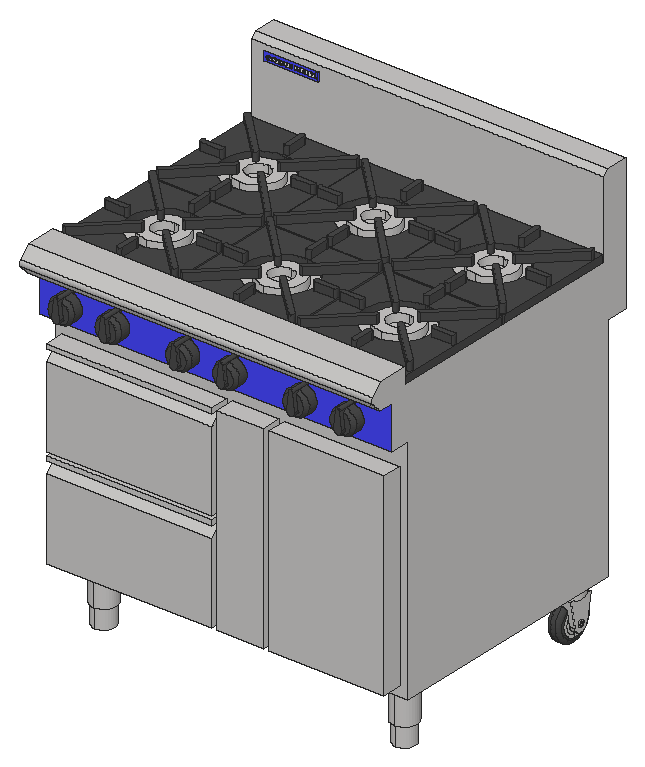
Revit family "QF_MOFFAT_BLUESEAL_CE_G516D-RB", category Specialty Equipment, Revit 2012 (continued)
Definition of nested family "GAS BURNER 900"
  Forms (mm)
    Extrusion 2, solid, material "QF_Finishes_Black"
      sketch origin (0, 0, 19.5) x (0, -1, 0) y (1, 0, 0)
        loop
          spline (505.975, 123.076) -> (504.905, 123.837) -> (503.601, 124.238) -> (502.149, 124.251) -> (500.65, 123.875) -> (499.205, 123.137) -> (497.914, 122.086) -> (496.863, 120.795) -> (496.125, 119.35) -> (495.749, 117.851) -> (495.762, 116.399) -> (496.163, 115.095) -> (496.924, 114.025)
          line (496.924, 114.025) -> (603.347, 6.102)
          spline (603.347, 6.102) -> (604.416, 5.341) -> (605.721, 4.941) -> (607.172, 4.928) -> (608.671, 5.303) -> (610.116, 6.041) -> (611.408, 7.092) -> (612.459, 8.384) -> (613.197, 9.829) -> (613.572, 11.328) -> (613.559, 12.779) -> (613.159, 14.084) -> (612.398, 15.153)
        loop
          line (476.4, 8.898) -> (476.4, 58.102)
          spline (476.4, 58.102) -> (476.182, 59.396) -> (475.543, 60.602) -> (474.525, 61.638) -> (473.2, 62.432) -> (471.656, 62.932) -> (470, 63.102) -> (468.344, 62.932) -> (466.8, 62.432) -> (465.475, 61.638) -> (464.457, 60.602) -> (463.818, 59.396) -> (463.6, 58.102)
          line (463.6, 58.102) -> (463.6, 8.898)
          spline (463.6, 8.898) -> (463.818, 7.604) -> (464.457, 6.398) -> (465.475, 5.362) -> (466.8, 4.568) -> (468.344, 4.068) -> (470, 3.898) -> (471.656, 4.068) -> (473.2, 4.568) -> (474.525, 5.362) -> (475.543, 6.398) -> (476.182, 7.604) -> (476.4, 8.898)
        loop
          spline (22.602, 15.153) -> (21.681, 13.924) -> (21.131, 12.47) -> (20.99, 10.89) -> (21.267, 9.292) -> (21.943, 7.786) -> (22.973, 6.473) -> (24.286, 5.443) -> (25.792, 4.767) -> (27.39, 4.49) -> (28.97, 4.631) -> (30.424, 5.181) -> (31.653, 6.102)
          line (31.653, 6.102) -> (139.576, 114.025)
          spline (139.576, 114.025) -> (140.337, 115.095) -> (140.738, 116.399) -> (140.751, 117.851) -> (140.375, 119.35) -> (139.637, 120.795) -> (138.586, 122.086) -> (137.295, 123.137) -> (135.85, 123.875) -> (134.351, 124.251) -> (132.899, 124.238) -> (131.595, 123.837) -> (130.525, 123.076)
          line (130.525, 123.076) -> (22.602, 15.153)
        loop
          spline (25.398, 156.4) -> (24.104, 156.182) -> (22.898, 155.543) -> (21.862, 154.525) -> (21.068, 153.2) -> (20.568, 151.656) -> (20.398, 150) -> (20.568, 148.344) -> (21.068, 146.8) -> (21.862, 145.475) -> (22.898, 144.457) -> (24.104, 143.818) -> (25.398, 143.6)
          line (25.398, 143.6) -> (74.602, 143.6)
          spline (74.602, 143.6) -> (75.896, 143.818) -> (77.102, 144.457) -> (78.138, 145.475) -> (78.932, 146.8) -> (79.432, 148.344) -> (79.602, 150) -> (79.432, 151.656) -> (78.932, 153.2) -> (78.138, 154.525) -> (77.102, 155.543) -> (75.896, 156.182) -> (74.602, 156.4)
          line (74.602, 156.4) -> (25.398, 156.4)
        loop
          spline (31.653, 293.898) -> (30.584, 294.659) -> (29.279, 295.059) -> (27.828, 295.072) -> (26.329, 294.697) -> (24.884, 293.959) -> (23.592, 292.908) -> (22.541, 291.616) -> (21.803, 290.171) -> (21.428, 288.672) -> (21.441, 287.221) -> (21.841, 285.916) -> (22.602, 284.847)
          line (22.602, 284.847) -> (130.525, 176.924)
          spline (130.525, 176.924) -> (131.595, 176.163) -> (132.899, 175.762) -> (134.351, 175.749) -> (135.85, 176.125) -> (137.295, 176.863) -> (138.586, 177.914) -> (139.637, 179.205) -> (140.375, 180.65) -> (140.751, 182.149) -> (140.738, 183.601) -> (140.337, 184.905) -> (139.576, 185.975)
          line (139.576, 185.975) -> (31.653, 293.898)
        loop
          line (160.1, 291.102) -> (160.1, 241.898)
          spline (160.1, 241.898) -> (160.318, 240.604) -> (160.957, 239.398) -> (161.975, 238.362) -> (163.3, 237.568) -> (164.844, 237.068) -> (166.5, 236.898) -> (168.156, 237.068) -> (169.7, 237.568) -> (171.025, 238.362) -> (172.043, 239.398) -> (172.682, 240.604) -> (172.9, 241.898)
          line (172.9, 241.898) -> (172.9, 291.102)
          spline (172.9, 291.102) -> (172.682, 292.396) -> (172.043, 293.602) -> (171.025, 294.638) -> (169.7, 295.432) -> (168.156, 295.932) -> (166.5, 296.102) -> (164.844, 295.932) -> (163.3, 295.432) -> (161.975, 294.638) -> (160.957, 293.602) -> (160.318, 292.396) -> (160.1, 291.102)
        loop
          spline (313.898, 284.847) -> (314.659, 285.916) -> (315.059, 287.221) -> (315.072, 288.672) -> (314.697, 290.171) -> (313.959, 291.616) -> (312.908, 292.908) -> (311.616, 293.959) -> (310.171, 294.697) -> (308.672, 295.072) -> (307.221, 295.059) -> (305.916, 294.659) -> (304.847, 293.898)
          line (304.847, 293.898) -> (193.424, 185.975)
          spline (193.424, 185.975) -> (192.663, 184.905) -> (192.262, 183.601) -> (192.249, 182.149) -> (192.625, 180.65) -> (193.363, 179.205) -> (194.414, 177.914) -> (195.705, 176.863) -> (197.15, 176.125) -> (198.649, 175.749) -> (200.101, 175.762) -> (201.405, 176.163) -> (202.475, 176.924)
          line (202.475, 176.924) -> (313.898, 284.847)
        loop
          spline (311.102, 143.6) -> (312.396, 143.818) -> (313.602, 144.457) -> (314.638, 145.475) -> (315.432, 146.8) -> (315.932, 148.344) -> (316.102, 150) -> (315.932, 151.656) -> (315.432, 153.2) -> (314.638, 154.525) -> (313.602, 155.543) -> (312.396, 156.182) -> (311.102, 156.4)
          line (311.102, 156.4) -> (261.898, 156.4)
          spline (261.898, 156.4) -> (260.604, 156.182) -> (259.398, 155.543) -> (258.362, 154.525) -> (257.568, 153.2) -> (257.068, 151.656) -> (256.898, 150) -> (257.068, 148.344) -> (257.568, 146.8) -> (258.362, 145.475) -> (259.398, 144.457) -> (260.604, 143.818) -> (261.898, 143.6)
          line (261.898, 143.6) -> (311.102, 143.6)
        loop
          line (313.898, 15.153) -> (202.475, 123.076)
          spline (202.475, 123.076) -> (201.405, 123.837) -> (200.101, 124.238) -> (198.649, 124.251) -> (197.15, 123.875) -> (195.705, 123.137) -> (194.414, 122.086) -> (193.363, 120.795) -> (192.625, 119.35) -> (192.249, 117.851) -> (192.262, 116.399) -> (192.663, 115.095) -> (193.424, 114.025)
          line (193.424, 114.025) -> (304.847, 6.102)
          spline (304.847, 6.102) -> (305.916, 5.341) -> (307.221, 4.941) -> (308.672, 4.928) -> (310.171, 5.303) -> (311.616, 6.041) -> (312.908, 7.092) -> (313.959, 8.384) -> (314.697, 9.829) -> (315.072, 11.328) -> (315.059, 12.779) -> (314.659, 14.084) -> (313.898, 15.153)
        loop
          line (172.9, 8.898) -> (172.9, 58.102)
          spline (172.9, 58.102) -> (172.682, 59.396) -> (172.043, 60.602) -> (171.025, 61.638) -> (169.7, 62.432) -> (168.156, 62.932) -> (166.5, 63.102) -> (164.844, 62.932) -> (163.3, 62.432) -> (161.975, 61.638) -> (160.957, 60.602) -> (160.318, 59.396) -> (160.1, 58.102)
          line (160.1, 58.102) -> (160.1, 8.898)
          spline (160.1, 8.898) -> (160.318, 7.604) -> (160.957, 6.398) -> (161.975, 5.362) -> (163.3, 4.568) -> (164.844, 4.068) -> (166.5, 3.898) -> (168.156, 4.068) -> (169.7, 4.568) -> (171.025, 5.362) -> (172.043, 6.398) -> (172.682, 7.604) -> (172.9, 8.898)
      from 0 to 20.5
    Extrusion 3, solid, material "QF_Finishes_Stainless Steel"
      sketch origin (0, -15.098, 0) x (0, -1, 0) y (1, 0, 0)
        loop
          circle (151.402, 150) r 57
        loop
          circle (451.402, 150) r 57
        loop
          circle (151.402, 150) r 30
        loop
          circle (451.402, 150) r 30
      from 0 to 20
    Extrusion 4, solid, material "QF_Finishes_Black"
      sketch origin (600, 0, 0) x (0, -1, 0) y (1, 0, 0)
        loop
          arc (318.5, -4) -> (317.621, -1.879) -> (315.5, -1) r 3
          line (315.5, -1) -> (3, -1)
          arc (3, -1) -> (0.879, -1.879) -> (0, -4) r 3
          line (0, -4) -> (0, -296)
          arc (0, -296) -> (0.879, -298.121) -> (3, -299) r 3
          line (3, -299) -> (315.5, -299)
          arc (315.5, -299) -> (317.621, -298.121) -> (318.5, -296) r 3
          line (318.5, -296) -> (318.5, -4)
        loop
          arc (324.5, -1) -> (322.379, -1.879) -> (321.5, -4) r 3
          line (321.5, -4) -> (321.5, -296)
          arc (321.5, -296) -> (322.379, -298.121) -> (324.5, -299) r 3
          line (324.5, -299) -> (632, -299)
          arc (632, -299) -> (634.121, -298.121) -> (635, -296) r 3
          line (635, -296) -> (635, -4)
          arc (635, -4) -> (634.121, -1.879) -> (632, -1) r 3
          line (632, -1) -> (324.5, -1)
        loop
          circle (168.5, -149.991) r 84.082
        loop
          circle (468.5, -149.991) r 84.082
      from 0 to 19.5
    Extrusion 5, solid, material "QF_Finishes_Black"
      sketch origin (600, 0, 19.5) x (0, -1, 0) y (1, 0, 0)
        loop
          line (326.102, -15.153) -> (434.025, -123.076)
          spline (434.025, -123.076) -> (435.095, -123.837) -> (436.399, -124.238) -> (437.851, -124.251) -> (439.35, -123.875) -> (440.795, -123.137) -> (442.086, -122.086) -> (443.137, -120.795) -> (443.875, -119.35) -> (444.251, -117.851) -> (444.238, -116.399) -> (443.837, -115.095) -> (443.076, -114.025)
          line (443.076, -114.025) -> (335.153, -6.102)
          spline (335.153, -6.102) -> (333.924, -5.181) -> (332.47, -4.631) -> (330.89, -4.49) -> (329.292, -4.767) -> (327.786, -5.443) -> (326.473, -6.473) -> (325.443, -7.786) -> (324.767, -9.292) -> (324.49, -10.89) -> (324.631, -12.47) -> (325.181, -13.924) -> (326.102, -15.153)
        loop
          line (328.898, -156.4) -> (378.102, -156.4)
          spline (378.102, -156.4) -> (379.396, -156.182) -> (380.602, -155.543) -> (381.638, -154.525) -> (382.432, -153.2) -> (382.932, -151.656) -> (383.102, -150) -> (382.932, -148.344) -> (382.432, -146.8) -> (381.638, -145.475) -> (380.602, -144.457) -> (379.396, -143.818) -> (378.102, -143.6)
          line (378.102, -143.6) -> (328.898, -143.6)
          spline (328.898, -143.6) -> (327.604, -143.818) -> (326.398, -144.457) -> (325.362, -145.475) -> (324.568, -146.8) -> (324.068, -148.344) -> (323.898, -150) -> (324.068, -151.656) -> (324.568, -153.2) -> (325.362, -154.525) -> (326.398, -155.543) -> (327.604, -156.182) -> (328.898, -156.4)
        loop
          line (335.153, -293.898) -> (443.076, -185.975)
          spline (443.076, -185.975) -> (443.837, -184.905) -> (444.238, -183.601) -> (444.251, -182.149) -> (443.875, -180.65) -> (443.137, -179.205) -> (442.086, -177.914) -> (440.795, -176.863) -> (439.35, -176.125) -> (437.851, -175.749) -> (436.399, -175.762) -> (435.095, -176.163) -> (434.025, -176.924)
          line (434.025, -176.924) -> (326.102, -284.847)
          spline (326.102, -284.847) -> (325.341, -285.916) -> (324.941, -287.221) -> (324.928, -288.672) -> (325.303, -290.171) -> (326.041, -291.616) -> (327.092, -292.908) -> (328.384, -293.959) -> (329.829, -294.697) -> (331.328, -295.072) -> (332.779, -295.059) -> (334.084, -294.659) -> (335.153, -293.898)
        loop
          spline (463.6, -291.102) -> (463.818, -292.396) -> (464.457, -293.602) -> (465.475, -294.638) -> (466.8, -295.432) -> (468.344, -295.932) -> (470, -296.102) -> (471.656, -295.932) -> (473.2, -295.432) -> (474.525, -294.638) -> (475.543, -293.602) -> (476.182, -292.396) -> (476.4, -291.102)
          line (476.4, -291.102) -> (476.4, -241.898)
          spline (476.4, -241.898) -> (476.182, -240.604) -> (475.543, -239.398) -> (474.525, -238.362) -> (473.2, -237.568) -> (471.656, -237.068) -> (470, -236.898) -> (468.344, -237.068) -> (466.8, -237.568) -> (465.475, -238.362) -> (464.457, -239.398) -> (463.818, -240.604) -> (463.6, -241.898)
          line (463.6, -241.898) -> (463.6, -291.102)
        loop
          line (612.398, -284.847) -> (505.975, -176.924)
          spline (505.975, -176.924) -> (504.905, -176.163) -> (503.601, -175.762) -> (502.149, -175.749) -> (500.65, -176.125) -> (499.205, -176.863) -> (497.914, -177.914) -> (496.863, -179.205) -> (496.125, -180.65) -> (495.749, -182.149) -> (495.762, -183.601) -> (496.163, -184.905) -> (496.924, -185.975)
          line (496.924, -185.975) -> (603.347, -293.898)
          spline (603.347, -293.898) -> (604.416, -294.659) -> (605.721, -295.059) -> (607.172, -295.072) -> (608.671, -294.697) -> (610.116, -293.959) -> (611.408, -292.908) -> (612.459, -291.616) -> (613.197, -290.171) -> (613.572, -288.672) -> (613.559, -287.221) -> (613.159, -285.916) -> (612.398, -284.847)
        loop
          line (609.602, -143.6) -> (561.898, -143.6)
          spline (561.898, -143.6) -> (560.604, -143.818) -> (559.398, -144.457) -> (558.362, -145.475) -> (557.568, -146.8) -> (557.068, -148.344) -> (556.898, -150) -> (557.068, -151.656) -> (557.568, -153.2) -> (558.362, -154.525) -> (559.398, -155.543) -> (560.604, -156.182) -> (561.898, -156.4)
          line (561.898, -156.4) -> (609.602, -156.4)
          spline (609.602, -156.4) -> (610.896, -156.182) -> (612.102, -155.543) -> (613.138, -154.525) -> (613.932, -153.2) -> (614.432, -151.656) -> (614.602, -150) -> (614.432, -148.344) -> (613.932, -146.8) -> (613.138, -145.475) -> (612.102, -144.457) -> (610.896, -143.818) -> (609.602, -143.6)
        loop
          spline (612.398, -15.153) -> (613.159, -14.084) -> (613.559, -12.779) -> (613.572, -11.328) -> (613.197, -9.829) -> (612.459, -8.384) -> (611.408, -7.092) -> (610.116, -6.041) -> (608.671, -5.303) -> (607.172, -4.928) -> (605.721, -4.941) -> (604.416, -5.341) -> (603.347, -6.102)
          line (603.347, -6.102) -> (496.924, -114.025)
          spline (496.924, -114.025) -> (496.163, -115.095) -> (495.762, -116.399) -> (495.749, -117.851) -> (496.125, -119.35) -> (496.863, -120.795) -> (497.914, -122.086) -> (499.205, -123.137) -> (500.65, -123.875) -> (502.149, -124.251) -> (503.601, -124.238) -> (504.905, -123.837) -> (505.975, -123.076)
          line (505.975, -123.076) -> (612.398, -15.153)
        loop
          spline (476.4, -8.898) -> (476.182, -7.604) -> (475.543, -6.398) -> (474.525, -5.362) -> (473.2, -4.568) -> (471.656, -4.068) -> (470, -3.898) -> (468.344, -4.068) -> (466.8, -4.568) -> (465.475, -5.362) -> (464.457, -6.398) -> (463.818, -7.604) -> (463.6, -8.898)
          line (463.6, -8.898) -> (463.6, -58.102)
          spline (463.6, -58.102) -> (463.818, -59.396) -> (464.457, -60.602) -> (465.475, -61.638) -> (466.8, -62.432) -> (468.344, -62.932) -> (470, -63.102) -> (471.656, -62.932) -> (473.2, -62.432) -> (474.525, -61.638) -> (475.543, -60.602) -> (476.182, -59.396) -> (476.4, -58.102)
          line (476.4, -58.102) -> (476.4, -8.898)
        loop
          line (22.602, -15.153) -> (130.525, -123.076)
          spline (130.525, -123.076) -> (131.595, -123.837) -> (132.899, -124.238) -> (134.351, -124.251) -> (135.85, -123.875) -> (137.295, -123.137) -> (138.586, -122.086) -> (139.637, -120.795) -> (140.375, -119.35) -> (140.751, -117.851) -> (140.738, -116.399) -> (140.337, -115.095) -> (139.576, -114.025)
          line (139.576, -114.025) -> (31.653, -6.102)
          spline (31.653, -6.102) -> (30.424, -5.181) -> (28.97, -4.631) -> (27.39, -4.49) -> (25.792, -4.767) -> (24.286, -5.443) -> (22.973, -6.473) -> (21.943, -7.786) -> (21.267, -9.292) -> (20.99, -10.89) -> (21.131, -12.47) -> (21.681, -13.924) -> (22.602, -15.153)
        loop
          line (25.398, -156.4) -> (74.602, -156.4)
          spline (74.602, -156.4) -> (75.896, -156.182) -> (77.102, -155.543) -> (78.138, -154.525) -> (78.932, -153.2) -> (79.432, -151.656) -> (79.602, -150) -> (79.432, -148.344) -> (78.932, -146.8) -> (78.138, -145.475) -> (77.102, -144.457) -> (75.896, -143.818) -> (74.602, -143.6)
          line (74.602, -143.6) -> (25.398, -143.6)
          spline (25.398, -143.6) -> (24.104, -143.818) -> (22.898, -144.457) -> (21.862, -145.475) -> (21.068, -146.8) -> (20.568, -148.344) -> (20.398, -150) -> (20.568, -151.656) -> (21.068, -153.2) -> (21.862, -154.525) -> (22.898, -155.543) -> (24.104, -156.182) -> (25.398, -156.4)
        loop
          line (31.653, -293.898) -> (139.576, -185.975)
          spline (139.576, -185.975) -> (140.337, -184.905) -> (140.738, -183.601) -> (140.751, -182.149) -> (140.375, -180.65) -> (139.637, -179.205) -> (138.586, -177.914) -> (137.295, -176.863) -> (135.85, -176.125) -> (134.351, -175.749) -> (132.899, -175.762) -> (131.595, -176.163) -> (130.525, -176.924)
          line (130.525, -176.924) -> (22.602, -284.847)
          spline (22.602, -284.847) -> (21.841, -285.916) -> (21.441, -287.221) -> (21.428, -288.672) -> (21.803, -290.171) -> (22.541, -291.616) -> (23.592, -292.908) -> (24.884, -293.959) -> (26.329, -294.697) -> (27.828, -295.072) -> (29.279, -295.059) -> (30.584, -294.659) -> (31.653, -293.898)
        loop
          spline (160.1, -291.102) -> (160.318, -292.396) -> (160.957, -293.602) -> (161.975, -294.638) -> (163.3, -295.432) -> (164.844, -295.932) -> (166.5, -296.102) -> (168.156, -295.932) -> (169.7, -295.432) -> (171.025, -294.638) -> (172.043, -293.602) -> (172.682, -292.396) -> (172.9, -291.102)
          line (172.9, -291.102) -> (172.9, -241.898)
          spline (172.9, -241.898) -> (172.682, -240.604) -> (172.043, -239.398) -> (171.025, -238.362) -> (169.7, -237.568) -> (168.156, -237.068) -> (166.5, -236.898) -> (164.844, -237.068) -> (163.3, -237.568) -> (161.975, -238.362) -> (160.957, -239.398) -> (160.318, -240.604) -> (160.1, -241.898)
          line (160.1, -241.898) -> (160.1, -291.102)
        loop
          line (313.898, -284.847) -> (202.475, -176.924)
          spline (202.475, -176.924) -> (201.405, -176.163) -> (200.101, -175.762) -> (198.649, -175.749) -> (197.15, -176.125) -> (195.705, -176.863) -> (194.414, -177.914) -> (193.363, -179.205) -> (192.625, -180.65) -> (192.249, -182.149) -> (192.262, -183.601) -> (192.663, -184.905) -> (193.424, -185.975)
          line (193.424, -185.975) -> (304.847, -293.898)
          spline (304.847, -293.898) -> (305.916, -294.659) -> (307.221, -295.059) -> (308.672, -295.072) -> (310.171, -294.697) -> (311.616, -293.959) -> (312.908, -292.908) -> (313.959, -291.616) -> (314.697, -290.171) -> (315.072, -288.672) -> (315.059, -287.221) -> (314.659, -285.916) -> (313.898, -284.847)
        loop
          line (311.102, -143.6) -> (261.898, -143.6)
          spline (261.898, -143.6) -> (260.604, -143.818) -> (259.398, -144.457) -> (258.362, -145.475) -> (257.568, -146.8) -> (257.068, -148.344) -> (256.898, -150) -> (257.068, -151.656) -> (257.568, -153.2) -> (258.362, -154.525) -> (259.398, -155.543) -> (260.604, -156.182) -> (261.898, -156.4)
          line (261.898, -156.4) -> (311.102, -156.4)
          spline (311.102, -156.4) -> (312.396, -156.182) -> (313.602, -155.543) -> (314.638, -154.525) -> (315.432, -153.2) -> (315.932, -151.656) -> (316.102, -150) -> (315.932, -148.344) -> (315.432, -146.8) -> (314.638, -145.475) -> (313.602, -144.457) -> (312.396, -143.818) -> (311.102, -143.6)
        loop
          spline (313.898, -15.153) -> (314.659, -14.084) -> (315.059, -12.779) -> (315.072, -11.328) -> (314.697, -9.829) -> (313.959, -8.384) -> (312.908, -7.092) -> (311.616, -6.041) -> (310.171, -5.303) -> (308.672, -4.928) -> (307.221, -4.941) -> (305.916, -5.341) -> (304.847, -6.102)
          line (304.847, -6.102) -> (193.424, -114.025)
          spline (193.424, -114.025) -> (192.663, -115.095) -> (192.262, -116.399) -> (192.249, -117.851) -> (192.625, -119.35) -> (193.363, -120.795) -> (194.414, -122.086) -> (195.705, -123.137) -> (197.15, -123.875) -> (198.649, -124.251) -> (200.101, -124.238) -> (201.405, -123.837) -> (202.475, -123.076)
          line (202.475, -123.076) -> (313.898, -15.153)
        loop
          spline (172.9, -8.898) -> (172.682, -7.604) -> (172.043, -6.398) -> (171.025, -5.362) -> (169.7, -4.568) -> (168.156, -4.068) -> (166.5, -3.898) -> (164.844, -4.068) -> (163.3, -4.568) -> (161.975, -5.362) -> (160.957, -6.398) -> (160.318, -7.604) -> (160.1, -8.898)
          line (160.1, -8.898) -> (160.1, -58.102)
          spline (160.1, -58.102) -> (160.318, -59.396) -> (160.957, -60.602) -> (161.975, -61.638) -> (163.3, -62.432) -> (164.844, -62.932) -> (166.5, -63.102) -> (168.156, -62.932) -> (169.7, -62.432) -> (171.025, -61.638) -> (172.043, -60.602) -> (172.682, -59.396) -> (172.9, -58.102)
          line (172.9, -58.102) -> (172.9, -8.898)
      from 0 to 20.5
    Extrusion 6, solid, material "QF_Finishes_Stainless Steel"
      sketch origin (600, -15.098, 0) x (0, -1, 0) y (1, 0, 0)
        loop
          circle (151.402, -150) r 57
        loop
          circle (451.402, -150) r 57
        loop
          circle (151.402, -150) r 30
        loop
          circle (451.402, -150) r 30
      from 0 to 20
    Extrusion 7, solid, material "QF_Finishes_Black"
      sketch origin (901, 0, 19.5) x (0, -1, 0) y (1, 0, 0)
        loop
          line (326.102, -15.153) -> (434.025, -123.076)
          spline (434.025, -123.076) -> (435.095, -123.837) -> (436.399, -124.238) -> (437.851, -124.251) -> (439.35, -123.875) -> (440.795, -123.137) -> (442.086, -122.086) -> (443.137, -120.795) -> (443.875, -119.35) -> (444.251, -117.851) -> (444.238, -116.399) -> (443.837, -115.095) -> (443.076, -114.025)
          line (443.076, -114.025) -> (335.153, -6.102)
          spline (335.153, -6.102) -> (333.924, -5.181) -> (332.47, -4.631) -> (330.89, -4.49) -> (329.292, -4.767) -> (327.786, -5.443) -> (326.473, -6.473) -> (325.443, -7.786) -> (324.767, -9.292) -> (324.49, -10.89) -> (324.631, -12.47) -> (325.181, -13.924) -> (326.102, -15.153)
        loop
          line (328.898, -156.4) -> (378.102, -156.4)
          spline (378.102, -156.4) -> (379.396, -156.182) -> (380.602, -155.543) -> (381.638, -154.525) -> (382.432, -153.2) -> (382.932, -151.656) -> (383.102, -150) -> (382.932, -148.344) -> (382.432, -146.8) -> (381.638, -145.475) -> (380.602, -144.457) -> (379.396, -143.818) -> (378.102, -143.6)
          line (378.102, -143.6) -> (328.898, -143.6)
          spline (328.898, -143.6) -> (327.604, -143.818) -> (326.398, -144.457) -> (325.362, -145.475) -> (324.568, -146.8) -> (324.068, -148.344) -> (323.898, -150) -> (324.068, -151.656) -> (324.568, -153.2) -> (325.362, -154.525) -> (326.398, -155.543) -> (327.604, -156.182) -> (328.898, -156.4)
        loop
          line (335.153, -293.898) -> (443.076, -185.975)
          spline (443.076, -185.975) -> (443.837, -184.905) -> (444.238, -183.601) -> (444.251, -182.149) -> (443.875, -180.65) -> (443.137, -179.205) -> (442.086, -177.914) -> (440.795, -176.863) -> (439.35, -176.125) -> (437.851, -175.749) -> (436.399, -175.762) -> (435.095, -176.163) -> (434.025, -176.924)
          line (434.025, -176.924) -> (326.102, -284.847)
          spline (326.102, -284.847) -> (325.341, -285.916) -> (324.941, -287.221) -> (324.928, -288.672) -> (325.303, -290.171) -> (326.041, -291.616) -> (327.092, -292.908) -> (328.384, -293.959) -> (329.829, -294.697) -> (331.328, -295.072) -> (332.779, -295.059) -> (334.084, -294.659) -> (335.153, -293.898)
        loop
          spline (463.6, -291.102) -> (463.818, -292.396) -> (464.457, -293.602) -> (465.475, -294.638) -> (466.8, -295.432) -> (468.344, -295.932) -> (470, -296.102) -> (471.656, -295.932) -> (473.2, -295.432) -> (474.525, -294.638) -> (475.543, -293.602) -> (476.182, -292.396) -> (476.4, -291.102)
          line (476.4, -291.102) -> (476.4, -241.898)
          spline (476.4, -241.898) -> (476.182, -240.604) -> (475.543, -239.398) -> (474.525, -238.362) -> (473.2, -237.568) -> (471.656, -237.068) -> (470, -236.898) -> (468.344, -237.068) -> (466.8, -237.568) -> (465.475, -238.362) -> (464.457, -239.398) -> (463.818, -240.604) -> (463.6, -241.898)
          line (463.6, -241.898) -> (463.6, -291.102)
        loop
          line (612.398, -284.847) -> (505.975, -176.924)
          spline (505.975, -176.924) -> (504.905, -176.163) -> (503.601, -175.762) -> (502.149, -175.749) -> (500.65, -176.125) -> (499.205, -176.863) -> (497.914, -177.914) -> (496.863, -179.205) -> (496.125, -180.65) -> (495.749, -182.149) -> (495.762, -183.601) -> (496.163, -184.905) -> (496.924, -185.975)
          line (496.924, -185.975) -> (603.347, -293.898)
          spline (603.347, -293.898) -> (604.416, -294.659) -> (605.721, -295.059) -> (607.172, -295.072) -> (608.671, -294.697) -> (610.116, -293.959) -> (611.408, -292.908) -> (612.459, -291.616) -> (613.197, -290.171) -> (613.572, -288.672) -> (613.559, -287.221) -> (613.159, -285.916) -> (612.398, -284.847)
        loop
          line (609.602, -143.6) -> (561.898, -143.6)
          spline (561.898, -143.6) -> (560.604, -143.818) -> (559.398, -144.457) -> (558.362, -145.475) -> (557.568, -146.8) -> (557.068, -148.344) -> (556.898, -150) -> (557.068, -151.656) -> (557.568, -153.2) -> (558.362, -154.525) -> (559.398, -155.543) -> (560.604, -156.182) -> (561.898, -156.4)
          line (561.898, -156.4) -> (609.602, -156.4)
          spline (609.602, -156.4) -> (610.896, -156.182) -> (612.102, -155.543) -> (613.138, -154.525) -> (613.932, -153.2) -> (614.432, -151.656) -> (614.602, -150) -> (614.432, -148.344) -> (613.932, -146.8) -> (613.138, -145.475) -> (612.102, -144.457) -> (610.896, -143.818) -> (609.602, -143.6)
        loop
          spline (612.398, -15.153) -> (613.159, -14.084) -> (613.559, -12.779) -> (613.572, -11.328) -> (613.197, -9.829) -> (612.459, -8.384) -> (611.408, -7.092) -> (610.116, -6.041) -> (608.671, -5.303) -> (607.172, -4.928) -> (605.721, -4.941) -> (604.416, -5.341) -> (603.347, -6.102)
          line (603.347, -6.102) -> (496.924, -114.025)
          spline (496.924, -114.025) -> (496.163, -115.095) -> (495.762, -116.399) -> (495.749, -117.851) -> (496.125, -119.35) -> (496.863, -120.795) -> (497.914, -122.086) -> (499.205, -123.137) -> (500.65, -123.875) -> (502.149, -124.251) -> (503.601, -124.238) -> (504.905, -123.837) -> (505.975, -123.076)
          line (505.975, -123.076) -> (612.398, -15.153)
        loop
          spline (476.4, -8.898) -> (476.182, -7.604) -> (475.543, -6.398) -> (474.525, -5.362) -> (473.2, -4.568) -> (471.656, -4.068) -> (470, -3.898) -> (468.344, -4.068) -> (466.8, -4.568) -> (465.475, -5.362) -> (464.457, -6.398) -> (463.818, -7.604) -> (463.6, -8.898)
          line (463.6, -8.898) -> (463.6, -58.102)
          spline (463.6, -58.102) -> (463.818, -59.396) -> (464.457, -60.602) -> (465.475, -61.638) -> (466.8, -62.432) -> (468.344, -62.932) -> (470, -63.102) -> (471.656, -62.932) -> (473.2, -62.432) -> (474.525, -61.638) -> (475.543, -60.602) -> (476.182, -59.396) -> (476.4, -58.102)
          line (476.4, -58.102) -> (476.4, -8.898)
        loop
          line (22.602, -15.153) -> (130.525, -123.076)
          spline (130.525, -123.076) -> (131.595, -123.837) -> (132.899, -124.238) -> (134.351, -124.251) -> (135.85, -123.875) -> (137.295, -123.137) -> (138.586, -122.086) -> (139.637, -120.795) -> (140.375, -119.35) -> (140.751, -117.851) -> (140.738, -116.399) -> (140.337, -115.095) -> (139.576, -114.025)
          line (139.576, -114.025) -> (31.653, -6.102)
          spline (31.653, -6.102) -> (30.424, -5.181) -> (28.97, -4.631) -> (27.39, -4.49) -> (25.792, -4.767) -> (24.286, -5.443) -> (22.973, -6.473) -> (21.943, -7.786) -> (21.267, -9.292) -> (20.99, -10.89) -> (21.131, -12.47) -> (21.681, -13.924) -> (22.602, -15.153)
        loop
          line (25.398, -156.4) -> (74.602, -156.4)
          spline (74.602, -156.4) -> (75.896, -156.182) -> (77.102, -155.543) -> (78.138, -154.525) -> (78.932, -153.2) -> (79.432, -151.656) -> (79.602, -150) -> (79.432, -148.344) -> (78.932, -146.8) -> (78.138, -145.475) -> (77.102, -144.457) -> (75.896, -143.818) -> (74.602, -143.6)
          line (74.602, -143.6) -> (25.398, -143.6)
          spline (25.398, -143.6) -> (24.104, -143.818) -> (22.898, -144.457) -> (21.862, -145.475) -> (21.068, -146.8) -> (20.568, -148.344) -> (20.398, -150) -> (20.568, -151.656) -> (21.068, -153.2) -> (21.862, -154.525) -> (22.898, -155.543) -> (24.104, -156.182) -> (25.398, -156.4)
        loop
          line (31.653, -293.898) -> (139.576, -185.975)
          spline (139.576, -185.975) -> (140.337, -184.905) -> (140.738, -183.601) -> (140.751, -182.149) -> (140.375, -180.65) -> (139.637, -179.205) -> (138.586, -177.914) -> (137.295, -176.863) -> (135.85, -176.125) -> (134.351, -175.749) -> (132.899, -175.762) -> (131.595, -176.163) -> (130.525, -176.924)
          line (130.525, -176.924) -> (22.602, -284.847)
          spline (22.602, -284.847) -> (21.841, -285.916) -> (21.441, -287.221) -> (21.428, -288.672) -> (21.803, -290.171) -> (22.541, -291.616) -> (23.592, -292.908) -> (24.884, -293.959) -> (26.329, -294.697) -> (27.828, -295.072) -> (29.279, -295.059) -> (30.584, -294.659) -> (31.653, -293.898)
        loop
          spline (160.1, -291.102) -> (160.318, -292.396) -> (160.957, -293.602) -> (161.975, -294.638) -> (163.3, -295.432) -> (164.844, -295.932) -> (166.5, -296.102) -> (168.156, -295.932) -> (169.7, -295.432) -> (171.025, -294.638) -> (172.043, -293.602) -> (172.682, -292.396) -> (172.9, -291.102)
          line (172.9, -291.102) -> (172.9, -241.898)
          spline (172.9, -241.898) -> (172.682, -240.604) -> (172.043, -239.398) -> (171.025, -238.362) -> (169.7, -237.568) -> (168.156, -237.068) -> (166.5, -236.898) -> (164.844, -237.068) -> (163.3, -237.568) -> (161.975, -238.362) -> (160.957, -239.398) -> (160.318, -240.604) -> (160.1, -241.898)
          line (160.1, -241.898) -> (160.1, -291.102)
        loop
          line (313.898, -284.847) -> (202.475, -176.924)
          spline (202.475, -176.924) -> (201.405, -176.163) -> (200.101, -175.762) -> (198.649, -175.749) -> (197.15, -176.125) -> (195.705, -176.863) -> (194.414, -177.914) -> (193.363, -179.205) -> (192.625, -180.65) -> (192.249, -182.149) -> (192.262, -183.601) -> (192.663, -184.905) -> (193.424, -185.975)
          line (193.424, -185.975) -> (304.847, -293.898)
          spline (304.847, -293.898) -> (305.916, -294.659) -> (307.221, -295.059) -> (308.672, -295.072) -> (310.171, -294.697) -> (311.616, -293.959) -> (312.908, -292.908) -> (313.959, -291.616) -> (314.697, -290.171) -> (315.072, -288.672) -> (315.059, -287.221) -> (314.659, -285.916) -> (313.898, -284.847)
        loop
          line (311.102, -143.6) -> (261.898, -143.6)
          spline (261.898, -143.6) -> (260.604, -143.818) -> (259.398, -144.457) -> (258.362, -145.475) -> (257.568, -146.8) -> (257.068, -148.344) -> (256.898, -150) -> (257.068, -151.656) -> (257.568, -153.2) -> (258.362, -154.525) -> (259.398, -155.543) -> (260.604, -156.182) -> (261.898, -156.4)
          line (261.898, -156.4) -> (311.102, -156.4)
          spline (311.102, -156.4) -> (312.396, -156.182) -> (313.602, -155.543) -> (314.638, -154.525) -> (315.432, -153.2) -> (315.932, -151.656) -> (316.102, -150) -> (315.932, -148.344) -> (315.432, -146.8) -> (314.638, -145.475) -> (313.602, -144.457) -> (312.396, -143.818) -> (311.102, -143.6)
        loop
          spline (313.898, -15.153) -> (314.659, -14.084) -> (315.059, -12.779) -> (315.072, -11.328) -> (314.697, -9.829) -> (313.959, -8.384) -> (312.908, -7.092) -> (311.616, -6.041) -> (310.171, -5.303) -> (308.672, -4.928) -> (307.221, -4.941) -> (305.916, -5.341) -> (304.847, -6.102)
          line (304.847, -6.102) -> (193.424, -114.025)
          spline (193.424, -114.025) -> (192.663, -115.095) -> (192.262, -116.399) -> (192.249, -117.851) -> (192.625, -119.35) -> (193.363, -120.795) -> (194.414, -122.086) -> (195.705, -123.137) -> (197.15, -123.875) -> (198.649, -124.251) -> (200.101, -124.238) -> (201.405, -123.837) -> (202.475, -123.076)
          line (202.475, -123.076) -> (313.898, -15.153)
        loop
          spline (172.9, -8.898) -> (172.682, -7.604) -> (172.043, -6.398) -> (171.025, -5.362) -> (169.7, -4.568) -> (168.156, -4.068) -> (166.5, -3.898) -> (164.844, -4.068) -> (163.3, -4.568) -> (161.975, -5.362) -> (160.957, -6.398) -> (160.318, -7.604) -> (160.1, -8.898)
          line (160.1, -8.898) -> (160.1, -58.102)
          spline (160.1, -58.102) -> (160.318, -59.396) -> (160.957, -60.602) -> (161.975, -61.638) -> (163.3, -62.432) -> (164.844, -62.932) -> (166.5, -63.102) -> (168.156, -62.932) -> (169.7, -62.432) -> (171.025, -61.638) -> (172.043, -60.602) -> (172.682, -59.396) -> (172.9, -58.102)
          line (172.9, -58.102) -> (172.9, -8.898)
      from 0 to 20.5
    Extrusion 8, solid, material "QF_Finishes_Stainless Steel"
      sketch origin (901, -15.098, 0) x (0, -1, 0) y (1, 0, 0)
        loop
          circle (151.402, -150) r 57
        loop
          circle (451.402, -150) r 57
        loop
          circle (151.402, -150) r 30
        loop
          circle (451.402, -150) r 30
      from 0 to 20
    Extrusion 9, solid, material "QF_Finishes_Black"
      sketch origin (901, 0, 0) x (0, -1, 0) y (1, 0, 0)
        loop
          arc (318.5, -4) -> (317.621, -1.879) -> (315.5, -1) r 3
          line (315.5, -1) -> (3, -1)
          arc (3, -1) -> (0.879, -1.879) -> (0, -4) r 3
          line (0, -4) -> (0, -296)
          arc (0, -296) -> (0.879, -298.121) -> (3, -299) r 3
          line (3, -299) -> (315.5, -299)
          arc (315.5, -299) -> (317.621, -298.121) -> (318.5, -296) r 3
          line (318.5, -296) -> (318.5, -4)
        loop
          arc (324.5, -1) -> (322.379, -1.879) -> (321.5, -4) r 3
          line (321.5, -4) -> (321.5, -296)
          arc (321.5, -296) -> (322.379, -298.121) -> (324.5, -299) r 3
          line (324.5, -299) -> (632, -299)
          arc (632, -299) -> (634.121, -298.121) -> (635, -296) r 3
          line (635, -296) -> (635, -4)
          arc (635, -4) -> (634.121, -1.879) -> (632, -1) r 3
          line (632, -1) -> (324.5, -1)
        loop
          circle (168.5, -149.991) r 84.082
        loop
          circle (468.5, -149.991) r 84.082
      from 0 to 19.5
    Extrusion 10, solid, material "QF_Finishes_Stainless Steel"
      sketch origin (901, -15.098, 0) x (0, -1, 0) y (1, 0, 0)
        loop
          circle (151.402, -150) r 57
        loop
          circle (451.402, -150) r 57
        loop
          circle (151.402, -150) r 30
        loop
          circle (451.402, -150) r 30
      from 0 to 20
  Lines and regions (mm)
    symbolic lines
      curve 1: line (284.847, -22.602, 0) -> (176.924, -130.525, 0)
      curve 2: spline (176.924, -130.525, 0) -> (176.163, -131.595, 0) -> (175.762, -132.899, 0) -> (175.749, -134.351, 0) -> (176.125, -135.85, 0) -> (176.863, -137.295, 0) -> (177.914, -138.586, 0) -> (179.205, -139.637, 0) -> (180.65, -140.375, 0) -> (182.149, -140.751, 0) -> (183.601, -140.738, 0) -> (184.905, -140.337, 0) -> (185.975, -139.576, 0)
      curve 3: line (185.975, -139.576, 0) -> (293.898, -31.653, 0)
      curve 4: spline (293.898, -31.653, 0) -> (294.659, -30.584, 0) -> (295.059, -29.279, 0) -> (295.072, -27.828, 0) -> (294.697, -26.329, 0) -> (293.959, -24.884, 0) -> (292.908, -23.592, 0) -> (291.616, -22.541, 0) -> (290.171, -21.803, 0) -> (288.672, -21.428, 0) -> (287.221, -21.441, 0) -> (285.916, -21.841, 0) -> (284.847, -22.602, 0)
      curve 5: line (291.102, -160.1, 0) -> (241.898, -160.1, 0)
      curve 6: spline (241.898, -160.1, 0) -> (240.604, -160.318, 0) -> (239.398, -160.957, 0) -> (238.362, -161.975, 0) -> (237.568, -163.3, 0) -> (237.068, -164.844, 0) -> (236.898, -166.5, 0) -> (237.068, -168.156, 0) -> (237.568, -169.7, 0) -> (238.362, -171.025, 0) -> (239.398, -172.043, 0) -> (240.604, -172.682, 0) -> (241.898, -172.9, 0)
      curve 7: line (241.898, -172.9, 0) -> (291.102, -172.9, 0)
      curve 8: spline (291.102, -172.9, 0) -> (292.396, -172.682, 0) -> (293.602, -172.043, 0) -> (294.638, -171.025, 0) -> (295.432, -169.7, 0) -> (295.932, -168.156, 0) -> (296.102, -166.5, 0) -> (295.932, -164.844, 0) -> (295.432, -163.3, 0) -> (294.638, -161.975, 0) -> (293.602, -160.957, 0) -> (292.396, -160.318, 0) -> (291.102, -160.1, 0)
      curve 9: line (306.102, -31.653, 0) -> (414.025, -139.576, 0)
      curve 10: spline (414.025, -139.576, 0) -> (415.095, -140.337, 0) -> (416.399, -140.738, 0) -> (417.851, -140.751, 0) -> (419.35, -140.375, 0) -> (420.795, -139.637, 0) -> (422.086, -138.586, 0) -> (423.137, -137.295, 0) -> (423.875, -135.85, 0) -> (424.251, -134.351, 0) -> (424.238, -132.899, 0) -> (423.837, -131.595, 0) -> (423.076, -130.525, 0)
      curve 11: line (423.076, -130.525, 0) -> (315.153, -22.602, 0)
      curve 12: spline (315.153, -22.602, 0) -> (314.084, -21.841, 0) -> (312.779, -21.441, 0) -> (311.328, -21.428, 0) -> (309.829, -21.803, 0) -> (308.384, -22.541, 0) -> (307.092, -23.592, 0) -> (306.041, -24.884, 0) -> (305.303, -26.329, 0) -> (304.928, -27.828, 0) -> (304.941, -29.279, 0) -> (305.341, -30.584, 0) -> (306.102, -31.653, 0)
      curve 13: line (443.6, -25.398, 0) -> (443.6, -74.602, 0)
      curve 14: spline (443.6, -74.602, 0) -> (443.818, -75.896, 0) -> (444.457, -77.102, 0) -> (445.475, -78.138, 0) -> (446.8, -78.932, 0) -> (448.344, -79.432, 0) -> (450, -79.602, 0) -> (451.656, -79.432, 0) -> (453.2, -78.932, 0) -> (454.525, -78.138, 0) -> (455.543, -77.102, 0) -> (456.182, -75.896, 0) -> (456.4, -74.602, 0)
      curve 15: line (456.4, -74.602, 0) -> (456.4, -25.398, 0)
      curve 16: spline (456.4, -25.398, 0) -> (456.182, -24.104, 0) -> (455.543, -22.898, 0) -> (454.525, -21.862, 0) -> (453.2, -21.068, 0) -> (451.656, -20.568, 0) -> (450, -20.398, 0) -> (448.344, -20.568, 0) -> (446.8, -21.068, 0) -> (445.475, -21.862, 0) -> (444.457, -22.898, 0) -> (443.818, -24.104, 0) -> (443.6, -25.398, 0)
      curve 17: line (584.847, -22.602, 0) -> (476.924, -130.525, 0)
      curve 18: spline (476.924, -130.525, 0) -> (476.163, -131.595, 0) -> (475.762, -132.899, 0) -> (475.749, -134.351, 0) -> (476.125, -135.85, 0) -> (476.863, -137.295, 0) -> (477.914, -138.586, 0) -> (479.205, -139.637, 0) -> (480.65, -140.375, 0) -> (482.149, -140.751, 0) -> (483.601, -140.738, 0) -> (484.905, -140.337, 0) -> (485.975, -139.576, 0)
      curve 19: line (485.975, -139.576, 0) -> (593.898, -31.653, 0)
      curve 20: spline (593.898, -31.653, 0) -> (594.819, -30.424, 0) -> (595.369, -28.97, 0) -> (595.51, -27.39, 0) -> (595.233, -25.792, 0) -> (594.557, -24.286, 0) -> (593.527, -22.973, 0) -> (592.214, -21.943, 0) -> (590.708, -21.267, 0) -> (589.11, -20.99, 0) -> (587.53, -21.131, 0) -> (586.076, -21.681, 0) -> (584.847, -22.602, 0)
      curve 21: line (591.102, -160.1, 0) -> (541.898, -160.1, 0)
      curve 22: spline (541.898, -160.1, 0) -> (540.604, -160.318, 0) -> (539.398, -160.957, 0) -> (538.362, -161.975, 0) -> (537.568, -163.3, 0) -> (537.068, -164.844, 0) -> (536.898, -166.5, 0) -> (537.068, -168.156, 0) -> (537.568, -169.7, 0) -> (538.362, -171.025, 0) -> (539.398, -172.043, 0) -> (540.604, -172.682, 0) -> (541.898, -172.9, 0)
      curve 23: line (541.898, -172.9, 0) -> (591.102, -172.9, 0)
      curve 24: spline (591.102, -172.9, 0) -> (592.396, -172.682, 0) -> (593.602, -172.043, 0) -> (594.638, -171.025, 0) -> (595.432, -169.7, 0) -> (595.932, -168.156, 0) -> (596.102, -166.5, 0) -> (595.932, -164.844, 0) -> (595.432, -163.3, 0) -> (594.638, -161.975, 0) -> (593.602, -160.957, 0) -> (592.396, -160.318, 0) -> (591.102, -160.1, 0)
      curve 25: line (593.898, -304.847, 0) -> (485.975, -193.424, 0)
      curve 26: spline (485.975, -193.424, 0) -> (484.905, -192.663, 0) -> (483.601, -192.262, 0) -> (482.149, -192.249, 0) -> (480.65, -192.625, 0) -> (479.205, -193.363, 0) -> (477.914, -194.414, 0) -> (476.863, -195.705, 0) -> (476.125, -197.15, 0) -> (475.749, -198.649, 0) -> (475.762, -200.101, 0) -> (476.163, -201.405, 0) -> (476.924, -202.475, 0)
      curve 27: line (476.924, -202.475, 0) -> (584.847, -313.898, 0)
      curve 28: spline (584.847, -313.898, 0) -> (585.916, -314.659, 0) -> (587.221, -315.059, 0) -> (588.672, -315.072, 0) -> (590.171, -314.697, 0) -> (591.616, -313.959, 0) -> (592.908, -312.908, 0) -> (593.959, -311.616, 0) -> (594.697, -310.171, 0) -> (595.072, -308.672, 0) -> (595.059, -307.221, 0) -> (594.659, -305.916, 0) -> (593.898, -304.847, 0)
      curve 29: arc (450, -223.5, 0) -> (468.725, -220.336, 0) -> (485.372, -211.197, 0) r 57
      curve 30: arc (450, -109.5, 0) -> (431.183, -112.696, 0) -> (414.475, -121.924, 0) r 57
      curve 31: arc (450.009, -84.418, 0) -> (478.534, -89.404, 0) -> (503.676, -103.773, 0) r 84.082
      curve 32: arc (450.009, -252.582, 0) -> (420.453, -247.216, 0) -> (394.669, -231.803, 0) r 84.082
      curve 33: arc (450, -136.5, 0) -> (480, -166.5, 0) -> (450, -196.5, 0) r 30
      curve 34: arc (450, -196.5, 0) -> (420, -166.5, 0) -> (450, -136.5, 0) r 30
      curve 35: arc (150, -223.5, 0) -> (168.725, -220.336, 0) -> (185.372, -211.197, 0) r 57
      curve 36: arc (150, -109.5, 0) -> (131.183, -112.696, 0) -> (114.475, -121.924, 0) r 57
      curve 37: arc (149.991, -84.418, 0) -> (178.523, -89.406, 0) -> (203.668, -103.781, 0) r 84.082
      curve 38: arc (149.991, -252.582, 0) -> (120.441, -247.219, 0) -> (94.661, -231.812, 0) r 84.082
      curve 39: line (156.4, -74.602, 0) -> (156.4, -25.398, 0)
      curve 40: spline (156.4, -25.398, 0) -> (156.182, -24.104, 0) -> (155.543, -22.898, 0) -> (154.525, -21.862, 0) -> (153.2, -21.068, 0) -> (151.656, -20.568, 0) -> (150, -20.398, 0) -> (148.344, -20.568, 0) -> (146.8, -21.068, 0) -> (145.475, -21.862, 0) -> (144.457, -22.898, 0) -> (143.818, -24.104, 0) -> (143.6, -25.398, 0)
      curve 41: line (143.6, -25.398, 0) -> (143.6, -74.602, 0)
      curve 42: spline (143.6, -74.602, 0) -> (143.818, -75.896, 0) -> (144.457, -77.102, 0) -> (145.475, -78.138, 0) -> (146.8, -78.932, 0) -> (148.344, -79.432, 0) -> (150, -79.602, 0) -> (151.656, -79.432, 0) -> (153.2, -78.932, 0) -> (154.525, -78.138, 0) -> (155.543, -77.102, 0) -> (156.182, -75.896, 0) -> (156.4, -74.602, 0)
      curve 43: line (358.102, -160.1, 0) -> (308.898, -160.1, 0)
      curve 44: spline (308.898, -160.1, 0) -> (307.604, -160.318, 0) -> (306.398, -160.957, 0) -> (305.362, -161.975, 0) -> (304.568, -163.3, 0) -> (304.068, -164.844, 0) -> (303.898, -166.5, 0) -> (304.068, -168.156, 0) -> (304.568, -169.7, 0) -> (305.362, -171.025, 0) -> (306.398, -172.043, 0) -> (307.604, -172.682, 0) -> (308.898, -172.9, 0)
      curve 45: line (308.898, -172.9, 0) -> (358.102, -172.9, 0)
      curve 46: spline (358.102, -172.9, 0) -> (359.396, -172.682, 0) -> (360.602, -172.043, 0) -> (361.638, -171.025, 0) -> (362.432, -169.7, 0) -> (362.932, -168.156, 0) -> (363.102, -166.5, 0) -> (362.932, -164.844, 0) -> (362.432, -163.3, 0) -> (361.638, -161.975, 0) -> (360.602, -160.957, 0) -> (359.396, -160.318, 0) -> (358.102, -160.1, 0)
      curve 47: line (414.025, -193.424, 0) -> (306.102, -304.847, 0)
      curve 48: spline (306.102, -304.847, 0) -> (305.341, -305.916, 0) -> (304.941, -307.221, 0) -> (304.928, -308.672, 0) -> (305.303, -310.171, 0) -> (306.041, -311.616, 0) -> (307.092, -312.908, 0) -> (308.384, -313.959, 0) -> (309.829, -314.697, 0) -> (311.328, -315.072, 0) -> (312.779, -315.059, 0) -> (314.084, -314.659, 0) -> (315.153, -313.898, 0)
      curve 49: line (315.153, -313.898, 0) -> (423.076, -202.475, 0)
      curve 50: spline (423.076, -202.475, 0) -> (423.837, -201.405, 0) -> (424.238, -200.101, 0) -> (424.251, -198.649, 0) -> (423.875, -197.15, 0) -> (423.137, -195.705, 0) -> (422.086, -194.414, 0) -> (420.795, -193.363, 0) -> (419.35, -192.625, 0) -> (417.851, -192.249, 0) -> (416.399, -192.262, 0) -> (415.095, -192.663, 0) -> (414.025, -193.424, 0)
      curve 51: line (456.4, -311.102, 0) -> (456.4, -261.898, 0)
      curve 52: spline (456.4, -261.898, 0) -> (456.182, -260.604, 0) -> (455.543, -259.398, 0) -> (454.525, -258.362, 0) -> (453.2, -257.568, 0) -> (451.656, -257.068, 0) -> (450, -256.898, 0) -> (448.344, -257.068, 0) -> (446.8, -257.568, 0) -> (445.475, -258.362, 0) -> (444.457, -259.398, 0) -> (443.818, -260.604, 0) -> (443.6, -261.898, 0)
      curve 53: line (443.6, -261.898, 0) -> (443.6, -311.102, 0)
      curve 54: spline (443.6, -311.102, 0) -> (443.818, -312.396, 0) -> (444.457, -313.602, 0) -> (445.475, -314.638, 0) -> (446.8, -315.432, 0) -> (448.344, -315.932, 0) -> (450, -316.102, 0) -> (451.656, -315.932, 0) -> (453.2, -315.432, 0) -> (454.525, -314.638, 0) -> (455.543, -313.602, 0) -> (456.182, -312.396, 0) -> (456.4, -311.102, 0)
      curve 55: line (596, 0, 0) -> (304, 0, 0)
      curve 56: arc (304, 0, 0) -> (301.879, -0.879, 0) -> (301, -3, 0) r 3
      curve 57: line (301, -3, 0) -> (301, -315.5, 0)
      curve 58: arc (301, -315.5, 0) -> (301.879, -317.621, 0) -> (304, -318.5, 0) r 3
      curve 59: line (304, -318.5, 0) -> (596, -318.5, 0)
      curve 60: arc (596, -318.5, 0) -> (598.121, -317.621, 0) -> (599, -315.5, 0) r 3
      curve 61: line (599, -315.5, 0) -> (599, -3, 0)
      curve 62: arc (599, -3, 0) -> (598.121, -0.879, 0) -> (596, 0, 0) r 3
      curve 63: line (296, 0, 0) -> (4, 0, 0)
      curve 64: arc (4, 0, 0) -> (1.879, -0.879, 0) -> (1, -3, 0) r 3
      curve 65: line (1, -3, 0) -> (1, -315.5, 0)
      curve 66: arc (1, -315.5, 0) -> (1.879, -317.621, 0) -> (4, -318.5, 0) r 3
      curve 67: line (4, -318.5, 0) -> (296, -318.5, 0)
      curve 68: arc (296, -318.5, 0) -> (298.121, -317.621, 0) -> (299, -315.5, 0) r 3
      curve 69: line (299, -315.5, 0) -> (299, -3, 0)
      curve 70: arc (299, -3, 0) -> (298.121, -0.879, 0) -> (296, 0, 0) r 3
      curve 71: line (296, -321.5, 0) -> (4, -321.5, 0)
      curve 72: arc (4, -321.5, 0) -> (1.879, -322.379, 0) -> (1, -324.5, 0) r 3
      curve 73: line (1, -324.5, 0) -> (1, -632, 0)
      curve 74: arc (1, -632, 0) -> (1.879, -634.121, 0) -> (4, -635, 0) r 3
      curve 75: line (4, -635, 0) -> (296, -635, 0)
      curve 76: arc (296, -635, 0) -> (298.121, -634.121, 0) -> (299, -632, 0) r 3
      curve 77: line (299, -632, 0) -> (299, -324.5, 0)
      curve 78: arc (299, -324.5, 0) -> (298.121, -322.379, 0) -> (296, -321.5, 0) r 3
      curve 79: line (596, -321.5, 0) -> (304, -321.5, 0)
      curve 80: arc (304, -321.5, 0) -> (301.879, -322.379, 0) -> (301, -324.5, 0) r 3
      curve 81: line (301, -324.5, 0) -> (301, -632, 0)
      curve 82: arc (301, -632, 0) -> (301.879, -634.121, 0) -> (304, -635, 0) r 3
      curve 83: line (304, -635, 0) -> (596, -635, 0)
      curve 84: arc (596, -635, 0) -> (598.121, -634.121, 0) -> (599, -632, 0) r 3
      curve 85: line (599, -632, 0) -> (599, -324.5, 0)
      curve 86: arc (599, -324.5, 0) -> (598.121, -322.379, 0) -> (596, -321.5, 0) r 3
      curve 87: line (293.898, -304.847, 0) -> (185.975, -193.424, 0)
      curve 88: spline (185.975, -193.424, 0) -> (184.905, -192.663, 0) -> (183.601, -192.262, 0) -> (182.149, -192.249, 0) -> (180.65, -192.625, 0) -> (179.205, -193.363, 0) -> (177.914, -194.414, 0) -> (176.863, -195.705, 0) -> (176.125, -197.15, 0) -> (175.749, -198.649, 0) -> (175.762, -200.101, 0) -> (176.163, -201.405, 0) -> (176.924, -202.475, 0)
      curve 89: line (176.924, -202.475, 0) -> (284.847, -313.898, 0)
      curve 90: spline (284.847, -313.898, 0) -> (285.916, -314.659, 0) -> (287.221, -315.059, 0) -> (288.672, -315.072, 0) -> (290.171, -314.697, 0) -> (291.616, -313.959, 0) -> (292.908, -312.908, 0) -> (293.959, -311.616, 0) -> (294.697, -310.171, 0) -> (295.072, -308.672, 0) -> (295.059, -307.221, 0) -> (294.659, -305.916, 0) -> (293.898, -304.847, 0)
      curve 91: line (15.153, -313.898, 0) -> (123.076, -202.475, 0)
      curve 92: spline (123.076, -202.475, 0) -> (123.837, -201.405, 0) -> (124.238, -200.101, 0) -> (124.251, -198.649, 0) -> (123.875, -197.15, 0) -> (123.137, -195.705, 0) -> (122.086, -194.414, 0) -> (120.795, -193.363, 0) -> (119.35, -192.625, 0) -> (117.851, -192.249, 0) -> (116.399, -192.262, 0) -> (115.095, -192.663, 0) -> (114.025, -193.424, 0)
      curve 93: line (114.025, -193.424, 0) -> (6.102, -304.847, 0)
      curve 94: spline (6.102, -304.847, 0) -> (5.341, -305.916, 0) -> (4.941, -307.221, 0) -> (4.928, -308.672, 0) -> (5.303, -310.171, 0) -> (6.041, -311.616, 0) -> (7.092, -312.908, 0) -> (8.384, -313.959, 0) -> (9.829, -314.697, 0) -> (11.328, -315.072, 0) -> (12.779, -315.059, 0) -> (14.084, -314.659, 0) -> (15.153, -313.898, 0)
      curve 95: line (8.898, -172.9, 0) -> (58.102, -172.9, 0)
      curve 96: spline (58.102, -172.9, 0) -> (59.396, -172.682, 0) -> (60.602, -172.043, 0) -> (61.638, -171.025, 0) -> (62.432, -169.7, 0) -> (62.932, -168.156, 0) -> (63.102, -166.5, 0) -> (62.932, -164.844, 0) -> (62.432, -163.3, 0) -> (61.638, -161.975, 0) -> (60.602, -160.957, 0) -> (59.396, -160.318, 0) -> (58.102, -160.1, 0)
      curve 97: line (58.102, -160.1, 0) -> (8.898, -160.1, 0)
      curve 98: spline (8.898, -160.1, 0) -> (7.604, -160.318, 0) -> (6.398, -160.957, 0) -> (5.362, -161.975, 0) -> (4.568, -163.3, 0) -> (4.068, -164.844, 0) -> (3.898, -166.5, 0) -> (4.068, -168.156, 0) -> (4.568, -169.7, 0) -> (5.362, -171.025, 0) -> (6.398, -172.043, 0) -> (7.604, -172.682, 0) -> (8.898, -172.9, 0)
      curve 99: line (6.102, -31.653, 0) -> (114.025, -139.576, 0)
      curve 100: spline (114.025, -139.576, 0) -> (115.095, -140.337, 0) -> (116.399, -140.738, 0) -> (117.851, -140.751, 0) -> (119.35, -140.375, 0) -> (120.795, -139.637, 0) -> (122.086, -138.586, 0) -> (123.137, -137.295, 0) -> (123.875, -135.85, 0) -> (124.251, -134.351, 0) -> (124.238, -132.899, 0) -> (123.837, -131.595, 0) -> (123.076, -130.525, 0)
      curve 101: line (123.076, -130.525, 0) -> (15.153, -22.602, 0)
      curve 102: spline (15.153, -22.602, 0) -> (13.924, -21.681, 0) -> (12.47, -21.131, 0) -> (10.89, -20.99, 0) -> (9.292, -21.267, 0) -> (7.786, -21.943, 0) -> (6.473, -22.973, 0) -> (5.443, -24.286, 0) -> (4.767, -25.792, 0) -> (4.49, -27.39, 0) -> (4.631, -28.97, 0) -> (5.181, -30.424, 0) -> (6.102, -31.653, 0)
      curve 103: arc (150, -136.5, 0) -> (180, -166.5, 0) -> (150, -196.5, 0) r 30
      curve 104: arc (150, -196.5, 0) -> (120, -166.5, 0) -> (150, -136.5, 0) r 30
      curve 105: line (156.4, -311.102, 0) -> (156.4, -261.898, 0)
      curve 106: spline (156.4, -261.898, 0) -> (156.182, -260.604, 0) -> (155.543, -259.398, 0) -> (154.525, -258.362, 0) -> (153.2, -257.568, 0) -> (151.656, -257.068, 0) -> (150, -256.898, 0) -> (148.344, -257.068, 0) -> (146.8, -257.568, 0) -> (145.475, -258.362, 0) -> (144.457, -259.398, 0) -> (143.818, -260.604, 0) -> (143.6, -261.898, 0)
      curve 107: line (143.6, -261.898, 0) -> (143.6, -311.102, 0)
      curve 108: spline (143.6, -311.102, 0) -> (143.818, -312.396, 0) -> (144.457, -313.602, 0) -> (145.475, -314.638, 0) -> (146.8, -315.432, 0) -> (148.344, -315.932, 0) -> (150, -316.102, 0) -> (151.656, -315.932, 0) -> (153.2, -315.432, 0) -> (154.525, -314.638, 0) -> (155.543, -313.602, 0) -> (156.182, -312.396, 0) -> (156.4, -311.102, 0)
      curve 109: line (156.4, -378.102, 0) -> (156.4, -328.898, 0)
      curve 110: spline (156.4, -328.898, 0) -> (156.182, -327.604, 0) -> (155.543, -326.398, 0) -> (154.525, -325.362, 0) -> (153.2, -324.568, 0) -> (151.656, -324.068, 0) -> (150, -323.898, 0) -> (148.344, -324.068, 0) -> (146.8, -324.568, 0) -> (145.475, -325.362, 0) -> (144.457, -326.398, 0) -> (143.818, -327.604, 0) -> (143.6, -328.898, 0)
      curve 111: line (143.6, -328.898, 0) -> (143.6, -378.102, 0)
      curve 112: spline (143.6, -378.102, 0) -> (143.818, -379.396, 0) -> (144.457, -380.602, 0) -> (145.475, -381.638, 0) -> (146.8, -382.432, 0) -> (148.344, -382.932, 0) -> (150, -383.102, 0) -> (151.656, -382.932, 0) -> (153.2, -382.432, 0) -> (154.525, -381.638, 0) -> (155.543, -380.602, 0) -> (156.182, -379.396, 0) -> (156.4, -378.102, 0)
      curve 113: line (284.847, -326.102, 0) -> (176.924, -434.025, 0)
      curve 114: spline (176.924, -434.025, 0) -> (176.163, -435.095, 0) -> (175.762, -436.399, 0) -> (175.749, -437.851, 0) -> (176.125, -439.35, 0) -> (176.863, -440.795, 0) -> (177.914, -442.086, 0) -> (179.205, -443.137, 0) -> (180.65, -443.875, 0) -> (182.149, -444.251, 0) -> (183.601, -444.238, 0) -> (184.905, -443.837, 0) -> (185.975, -443.076, 0)
      curve 115: line (185.975, -443.076, 0) -> (293.898, -335.153, 0)
      curve 116: spline (293.898, -335.153, 0) -> (294.659, -334.084, 0) -> (295.059, -332.779, 0) -> (295.072, -331.328, 0) -> (294.697, -329.829, 0) -> (293.959, -328.384, 0) -> (292.908, -327.092, 0) -> (291.616, -326.041, 0) -> (290.171, -325.303, 0) -> (288.672, -324.928, 0) -> (287.221, -324.941, 0) -> (285.916, -325.341, 0) -> (284.847, -326.102, 0)
      curve 117: line (123.076, -434.025, 0) -> (15.153, -326.102, 0)
      curve 118: spline (15.153, -326.102, 0) -> (13.924, -325.181, 0) -> (12.47, -324.631, 0) -> (10.89, -324.49, 0) -> (9.292, -324.767, 0) -> (7.786, -325.443, 0) -> (6.473, -326.473, 0) -> (5.443, -327.786, 0) -> (4.767, -329.292, 0) -> (4.49, -330.89, 0) -> (4.631, -332.47, 0) -> (5.181, -333.924, 0) -> (6.102, -335.153, 0)
      curve 119: line (6.102, -335.153, 0) -> (114.025, -443.076, 0)
      curve 120: spline (114.025, -443.076, 0) -> (115.095, -443.837, 0) -> (116.399, -444.238, 0) -> (117.851, -444.251, 0) -> (119.35, -443.875, 0) -> (120.795, -443.137, 0) -> (122.086, -442.086, 0) -> (123.137, -440.795, 0) -> (123.875, -439.35, 0) -> (124.251, -437.851, 0) -> (124.238, -436.399, 0) -> (123.837, -435.095, 0) -> (123.076, -434.025, 0)
      curve 121: line (58.102, -463.6, 0) -> (8.898, -463.6, 0)
      curve 122: spline (8.898, -463.6, 0) -> (7.604, -463.818, 0) -> (6.398, -464.457, 0) -> (5.362, -465.475, 0) -> (4.568, -466.8, 0) -> (4.068, -468.344, 0) -> (3.898, -470, 0) -> (4.068, -471.656, 0) -> (4.568, -473.2, 0) -> (5.362, -474.525, 0) -> (6.398, -475.543, 0) -> (7.604, -476.182, 0) -> (8.898, -476.4, 0)
      curve 123: line (8.898, -476.4, 0) -> (58.102, -476.4, 0)
      curve 124: spline (58.102, -476.4, 0) -> (59.396, -476.182, 0) -> (60.602, -475.543, 0) -> (61.638, -474.525, 0) -> (62.432, -473.2, 0) -> (62.932, -471.656, 0) -> (63.102, -470, 0) -> (62.932, -468.344, 0) -> (62.432, -466.8, 0) -> (61.638, -465.475, 0) -> (60.602, -464.457, 0) -> (59.396, -463.818, 0) -> (58.102, -463.6, 0)
      curve 125: line (114.025, -496.924, 0) -> (6.102, -603.347, 0)
      curve 126: spline (6.102, -603.347, 0) -> (5.341, -604.416, 0) -> (4.941, -605.721, 0) -> (4.928, -607.172, 0) -> (5.303, -608.671, 0) -> (6.041, -610.116, 0) -> (7.092, -611.408, 0) -> (8.384, -612.459, 0) -> (9.829, -613.197, 0) -> (11.328, -613.572, 0) -> (12.779, -613.559, 0) -> (14.084, -613.159, 0) -> (15.153, -612.398, 0)
      curve 127: line (15.153, -612.398, 0) -> (123.076, -505.975, 0)
      curve 128: spline (123.076, -505.975, 0) -> (123.837, -504.905, 0) -> (124.238, -503.601, 0) -> (124.251, -502.149, 0) -> (123.875, -500.65, 0) -> (123.137, -499.205, 0) -> (122.086, -497.914, 0) -> (120.795, -496.863, 0) -> (119.35, -496.125, 0) -> (117.851, -495.749, 0) -> (116.399, -495.762, 0) -> (115.095, -496.163, 0) -> (114.025, -496.924, 0)
      curve 129: line (156.4, -609.602, 0) -> (156.4, -561.898, 0)
      curve 130: spline (156.4, -561.898, 0) -> (156.182, -560.604, 0) -> (155.543, -559.398, 0) -> (154.525, -558.362, 0) -> (153.2, -557.568, 0) -> (151.656, -557.068, 0) -> (150, -556.898, 0) -> (148.344, -557.068, 0) -> (146.8, -557.568, 0) -> (145.475, -558.362, 0) -> (144.457, -559.398, 0) -> (143.818, -560.604, 0) -> (143.6, -561.898, 0)
      curve 131: line (143.6, -561.898, 0) -> (143.6, -609.602, 0)
      curve 132: spline (143.6, -609.602, 0) -> (143.818, -610.896, 0) -> (144.457, -612.102, 0) -> (145.475, -613.138, 0) -> (146.8, -613.932, 0) -> (148.344, -614.432, 0) -> (150, -614.602, 0) -> (151.656, -614.432, 0) -> (153.2, -613.932, 0) -> (154.525, -613.138, 0) -> (155.543, -612.102, 0) -> (156.182, -610.896, 0) -> (156.4, -609.602, 0)
      curve 133: line (176.924, -505.975, 0) -> (284.847, -612.398, 0)
      curve 134: spline (284.847, -612.398, 0) -> (285.916, -613.159, 0) -> (287.221, -613.559, 0) -> (288.672, -613.572, 0) -> (290.171, -613.197, 0) -> (291.616, -612.459, 0) -> (292.908, -611.408, 0) -> (293.959, -610.116, 0) -> (294.697, -608.671, 0) -> (295.072, -607.172, 0) -> (295.059, -605.721, 0) -> (294.659, -604.416, 0) -> (293.898, -603.347, 0)
      curve 135: line (293.898, -603.347, 0) -> (185.975, -496.924, 0)
      curve 136: spline (185.975, -496.924, 0) -> (184.905, -496.163, 0) -> (183.601, -495.762, 0) -> (182.149, -495.749, 0) -> (180.65, -496.125, 0) -> (179.205, -496.863, 0) -> (177.914, -497.914, 0) -> (176.863, -499.205, 0) -> (176.125, -500.65, 0) -> (175.749, -502.149, 0) -> (175.762, -503.601, 0) -> (176.163, -504.905, 0) -> (176.924, -505.975, 0)
      curve 137: arc (149.991, -384.418, 0) -> (179.687, -389.836, 0) -> (205.556, -405.393, 0) r 84.082
      curve 138: arc (149.991, -552.582, 0) -> (121.173, -547.489, 0) -> (95.845, -532.827, 0) r 84.082
      curve 139: arc (150, -523.5, 0) -> (167.666, -520.693, 0) -> (183.592, -512.55, 0) r 57
      curve 140: arc (150, -409.5, 0) -> (130.014, -413.119, 0) -> (112.566, -423.515, 0) r 57
      curve 141: arc (150, -436.5, 0) -> (180, -466.5, 0) -> (150, -496.5, 0) r 30
      curve 142: arc (150, -496.5, 0) -> (120, -466.5, 0) -> (150, -436.5, 0) r 30
      curve 143: line (291.102, -463.6, 0) -> (241.898, -463.6, 0)
